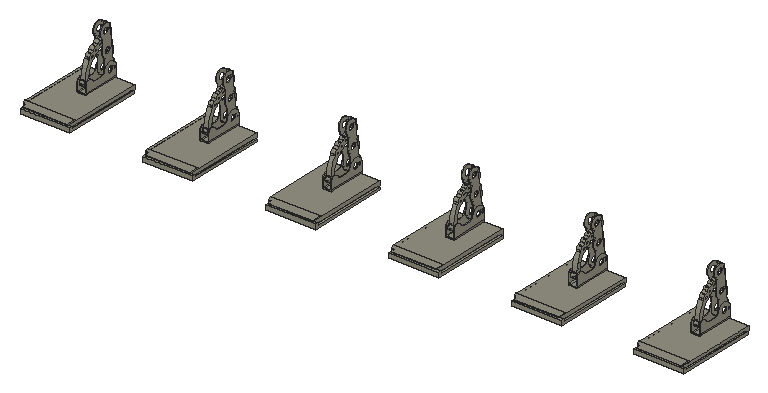
Revit family "Construction_Roof-Accessories_Alpine-SnowGuards_PP235LF", category Specialty Equipment, host Face, Revit 2019
Family settings
  Host = Face
  Round Connector Dimension = Use Diameter
  Part Type = Normal
  OmniClass Number = 23.35.20.31.27.14
  OmniClass Title = Snow Guards
  Cut with Voids When Loaded = No
  Shared = No
  Room Calculation Point = No
Parameters (values of type "PP235LF")
  Z_Two [instance] = Z_Length > Z_Horizontal Spacing  # yes
  Z_One [instance] = not(Z_Array)  # no
  Z_Length [instance] = if(Length < Z_Horizontal Spacing, Z_Horizontal Spacing, Length)  # 100"
  Z_Horizontal Spacing [instance] = if(Horizontal Spacing < 2", 2", Horizontal Spacing)  # 20"
  Z_Array [instance] = and(Z_Length > Z_Horizontal Spacing * 2)  # yes
  URL = "https://www.alpinesnowguards.com/model/pp235lf?utm_source=bimobject&utm_medium=productlisting&utm_campaign=2022marketing"
  Snow Guard Count [instance] = if(Length < Horizontal Spacing, 1, if(and(Z_Length > Z_Horizontal Spacing, Z_Length < Z_Horizontal Spacing * 2), 2, Z_Number of Pads Control))  # 6
  Product data url = "https://www.bimobject.com/en-us/alpine-snowguards/product/pp235lf_three_pipe_height_adjustable_snow_guard_and_base_plate_for_ludowici_flat_tile"
  Product Material = Alpine SnowGuards - Aluminium - Mill Finish
  Product Guid = "7ce0a174-0fb6-4009-964c-4974b919df3d"
  Z_Number of Pads Control [instance] = if(Z_Length / Z_Horizontal Spacing + 1 < 3, 3, rounddown(Z_Length / Z_Horizontal Spacing + 1))  # 6
  Pad Material = Alpine SnowGuards - Aluminium - Mill Finish
  Number of Pads [instance] = Length / Horizontal Spacing + 1  # 6
  Model = "PP235LF"
  Manufacturer = "Alpine SnowGuards"  # constant formula
  Length [instance] = 100"
  Keynote = "07720"
  Length Note [instance] = "To show a single SnowGuard set Length to 0"  # constant formula
  Horizontal Spacing = 20"
  Edition number = 1  # constant formula
  Description = "PP235LF three-pipe, height adjustable, pipe-style snow guard bracket in aluminum. Aluminum base plate to fit Ludowici Flat Tile configurations.\r\n"  # constant formula
  Default Elevation = 48"
  Bracket Angle [instance] = Angle : 0°
  Base Material = Alpine SnowGuards - Aluminium - Mill Finish
  Assembly Code = "B3010"
Reference planes (in)
  plane 1 "Center (Front/Back)": y = 0
  plane 2: z = 0
  plane 3 "Center (Left/Right)": x = 0
  plane 4: x = 100
  plane 5: z = 0
  plane 6: x = 20
  plane 7: y = -2.21833
  plane 8: y = 3.78167
Dimensions and locks (in)
  "Z_Length": plane 3 "Center (Left/Right)" to plane 4
  locked: plane 5 to plane 2 at 0
  "Z_Horizontal Spacing": plane 3 "Center (Left/Right)" to plane 6
  locked: plane 7 to plane 1 "Center (Front/Back)" at 2.21833
  locked: plane 1 "Center (Front/Back)" to plane 8 at 3.78167
  equal spacing: group 1, group 2, group 3, group 7, group 8, group 9  (x3)
  equal spacing: group 4, group 5, group 6, group 10, group 11, group 12  (x3)
  aligned and locked: host face to plane 2
  aligned and locked: host face to level
  aligned and locked: nested 1 to plane 8
  aligned and locked: nested 1 to plane 3 "Center (Left/Right)"
  aligned and locked: nested 2 to plane 8
  aligned and locked: nested 2 to plane 6
  aligned and locked: nested 4 to plane 8
  aligned and locked: nested 4 to plane 3 "Center (Left/Right)"
  aligned and locked: nested 5 to plane 8
  aligned and locked: nested 5 to plane 6
  aligned and locked: level to nested 9
  aligned and locked: level to nested 10
  aligned and locked: nested 9 to plane 8
  aligned and locked: nested 9 to plane 3 "Center (Left/Right)"
  aligned and locked: nested 7 to plane 8
  aligned and locked: nested 7 to plane 3 "Center (Left/Right)"
  aligned and locked: nested 8 to plane 6
  aligned and locked: nested 8 to plane 8
  aligned and locked: nested 10 to plane 8
  aligned and locked: nested 10 to plane 6
Automatic sketch dimensions
  host sketch curve to host sketch curve = 199.17032"
  host sketch curve to host sketch curve = 96"
Nested families (in)
  nested 1: "Base" at (0, -10.21833, 0.125), Material <- "Base Material", visible <- "Z_Array", type "Ludo Flat Tile Base"
    with Material Alpine SnowGuards - Aluminium - Mill Finish
  nested 2: "Base" at (20, -10.21833, 0.125), Material <- "Base Material", visible <- "Z_Array", type "Ludo Flat Tile Base"
    with Material Alpine SnowGuards - Aluminium - Mill Finish
  nested 3: "Base" at (40, -10.21833, 0.125), Material <- "Base Material", visible <- "Z_Array", type "Ludo Flat Tile Base"
    with Material Alpine SnowGuards - Aluminium - Mill Finish
  nested 4: "Angle" at (0, -2.21833, 0.625) x (-1, 0, 0) z (0, 0, 1), type <- "Bracket Angle", Pad Material <- "Pad Material", visible <- "Z_Array", type "0°"
    with Pad Material Alpine SnowGuards - Aluminium - Mill Finish
  nested 5: "Angle" at (20, -2.21833, 0.625) x (-1, 0, 0) z (0, 0, 1), type <- "Bracket Angle", Pad Material <- "Pad Material", visible <- "Z_Array", type "0°"
    with Pad Material Alpine SnowGuards - Aluminium - Mill Finish
  nested 6: "Angle" at (40, -2.21833, 0.625) x (-1, 0, 0) z (0, 0, 1), type <- "Bracket Angle", Pad Material <- "Pad Material", visible <- "Z_Array", type "0°"
    with Pad Material Alpine SnowGuards - Aluminium - Mill Finish
  nested 7: "Angle" at (0, -2.21833, 0.625) x (-1, 0, 0) z (0, 0, 1), Pad Material <- "Pad Material", type <- "Bracket Angle", visible <- "Z_One", type "0°"
    with Pad Material Alpine SnowGuards - Aluminium - Mill Finish
  nested 8: "Angle" at (20, -2.21833, 0.625) x (-1, 0, 0) z (0, 0, 1), Pad Material <- "Pad Material", type <- "Bracket Angle", visible <- "Z_Two", type "0°"
    with Pad Material Alpine SnowGuards - Aluminium - Mill Finish
  nested 9: "Base" at (0, -10.21833, 0.125), Material <- "Base Material", visible <- "Z_One", type "Ludo Flat Tile Base"
    with Material Alpine SnowGuards - Aluminium - Mill Finish
  nested 10: "Base" at (20, -10.21833, 0.125), Material <- "Base Material", visible <- "Z_Two", type "Ludo Flat Tile Base"
    with Material Alpine SnowGuards - Aluminium - Mill Finish
  nested 11: "Base" at (60, -10.21833, 0.125), Material <- "Base Material", visible <- "Z_Array", type "Ludo Flat Tile Base"
    with Material Alpine SnowGuards - Aluminium - Mill Finish
  nested 12: "Base" at (80, -10.21833, 0.125), Material <- "Base Material", visible <- "Z_Array", type "Ludo Flat Tile Base"
    with Material Alpine SnowGuards - Aluminium - Mill Finish
  nested 13: "Base" at (100, -10.21833, 0.125), Material <- "Base Material", visible <- "Z_Array", type "Ludo Flat Tile Base"
    with Material Alpine SnowGuards - Aluminium - Mill Finish
  nested 14: "Angle" at (60, -2.21833, 0.625) x (-1, 0, 0) z (0, 0, 1), type <- "Bracket Angle", Pad Material <- "Pad Material", visible <- "Z_Array", type "0°"
    with Pad Material Alpine SnowGuards - Aluminium - Mill Finish
  nested 15: "Angle" at (80, -2.21833, 0.625) x (-1, 0, 0) z (0, 0, 1), type <- "Bracket Angle", Pad Material <- "Pad Material", visible <- "Z_Array", type "0°"
    with Pad Material Alpine SnowGuards - Aluminium - Mill Finish
  nested 16: "Angle" at (100, -2.21833, 0.625) x (-1, 0, 0) z (0, 0, 1), type <- "Bracket Angle", Pad Material <- "Pad Material", visible <- "Z_Array", type "0°"
    with Pad Material Alpine SnowGuards - Aluminium - Mill Finish
Definition of nested family "Base"
  Parameters (values of type "Ludo Flat Tile Base")
    W = 9"
    Material [instance] = none
    L = 14"
    Height = 0"
  Reference planes (in)
    plane 1 "Center (Front/Back)": y = 0
    plane 2: z = 0
    plane 3 "Center (Left/Right)": x = 0
    plane 4: y = -14
    plane 5: x = -4.5
    plane 6: x = 4.5
    plane 7: z = 0.75
  Forms (in)
    Extrusion 1, solid, material <- "Material"
      sketch origin (0, 0, -0.604) x (1, 0, 0) y (0, 0, 1)
        loop
          line (-4.5, 0.479) -> (4.5, 0.479) -> (4.5, 1.354) -> (-4.5, 1.354) -> (-4.5, 0.479)
      from 0 to 14
    Extrusion 2, void
      sketch origin (0, 0, -0.604) x (1, 0, 0) y (0, 0, 1)
        loop
          line (-4.25, 0.839) -> (-4.5, 0.839) -> (-4.5, 0.479) -> (4.5, 0.479) -> (4.5, 0.604) -> (-3.75, 0.604) -> (-3.75, 1.089) -> (-4.25, 1.089) -> (-4.25, 0.839)
      from 0 to 13.5
    Extrusion 3, void
      sketch origin (0, 0, 0.75) x (0, -1, 0) y (1, 0, 0)
        loop
          line (14, 3.75) -> (14, 4.5) -> (13, 4.5) -> (13, 4)
          arc (13, 4) -> (13.07322, 3.82322) -> (13.25, 3.75) r 0.25
          line (13.25, 3.75) -> (14, 3.75)
      from -0.96474 to 0.06314
    Extrusion 4, void
      sketch origin (0, 0, -0.604) x (1, 0, 0) y (0, 0, 1)
        loop
          line (4.5, 0.994) -> (4.5, 1.354) -> (-4.5, 1.354) -> (-4.5, 1.229) -> (3.75, 1.229) -> (3.75, 0.744) -> (4.25404, 0.744) -> (4.25404, 0.994) -> (4.5, 0.994)
      from 0.4125 to 14.29483
    Extrusion 5, solid, material <- "Material"
      sketch origin (4.5, 0, 0.625) x (-1, 0, 0) y (0, -1, 0)
        loop
          line (9.2665, 2) -> (0.8, 2) -> (0.8, 0.4125) -> (8.125, 0.4125) -> (8.36882, 0.8585)
          arc (8.36882, 0.8585) -> (8.36066, 0.79592) -> (8.3367, 0.73753) r 0.24382
          line (8.3367, 0.73753) -> (8.7665, 1.5) -> (9.2665, 2)
      from 0 to 0.125
    Extrusion 6, void
      sketch origin (0, 0, 0) x (1, 0, 0) y (0, 1, 0)
        loop
          line (-3.625, -0.8585) -> (-3.625, 0) -> (-4.5, 0) -> (-4.92612, 0) -> (-4.92612, -2.07683) -> (-4.5, -2.07683) -> (-4.15554, -1.30317) -> (-3.74785, -1.0702)
          arc (-3.74785, -1.0702) -> (-3.65794, -0.98089) -> (-3.625, -0.8585) r 0.24382
      from -0.759 to 0.96553
  Cuts and joins
    Extrusion 2, Extrusion 3, Extrusion 4, Extrusion 6 cuts Extrusion 1
    Extrusion 6 cuts Extrusion 5
  Lines and regions (in)
    model lines, detail levels fine
      curve 1: circle (0, -1.16057, 0.75) r 0.25 normal (0, 0, 1)
      curve 2: circle (3.39932, -1.16057, 0.75) r 0.25 normal (0, 0, 1)
      curve 3: circle (-3.39932, -1.16057, 0.75) r 0.25 normal (0, 0, -1)
  Dimensions and locks (in)
    "L": plane 4 to plane 1 "Center (Front/Back)"
    equal spacing: plane 5, plane 3 "Center (Left/Right)", plane 6
    "W": plane 5 to plane 6
    locked: Extrusion 6 sketch curve to Extrusion 6 sketch curve at 0.12285
    locked: Extrusion 6 sketch curve to Extrusion 6 sketch curve at 0.2117
    aligned and locked: level to plane 2
  Automatic sketch dimensions
    Extrusion 1 sketch curve to plane 5 = 0"
    Extrusion 1 sketch curve to plane 6 = 0"
    Extrusion 1 sketch curve to level = 1/8"
    level to Extrusion 1 sketch curve = 3/4"
    Extrusion 2 sketch curve to plane 5 = 0"
    Extrusion 2 sketch curve to level = 0"
    Extrusion 2 sketch curve to plane 6 = 0"
    plane 5 to Extrusion 2 sketch curve = 1/4"
    Extrusion 2 sketch curve to Extrusion 2 sketch curve = 1/2"
    Extrusion 2 sketch curve to level = 1/8"
    level to Extrusion 2 sketch curve = 0.235"
    Extrusion 2 sketch curve to Extrusion 2 sketch curve = 1/4"
    Extrusion 3 sketch curve to plane 6 = 0"
    Extrusion 3 sketch curve to plane 4 = 0"
    plane 4 to Extrusion 3 sketch curve = 3/4"
    Extrusion 3 sketch curve to Extrusion 3 sketch curve = 1/4"
    Extrusion 3 sketch curve to plane 6 = 1/2"
    Extrusion 4 sketch curve to plane 5 = 0"
    Extrusion 4 sketch curve to plane 6 = 0"
    Extrusion 4 sketch curve to plane 6 = 3/4"
    Extrusion 4 sketch curve to plane 6 = 0.24596"
    level to Extrusion 4 sketch curve = 0.14"
    Extrusion 4 sketch curve to Extrusion 4 sketch curve = 1/4"
    level to Extrusion 4 sketch curve = 5/8"
    Extrusion 4 sketch curve to Extrusion 4 sketch curve = 1/8"
    Extrusion 4 to Extrusion 5 sketch curve = 0"
    Extrusion 4 to Extrusion 5 sketch curve = 0.05"
    Extrusion 5 sketch curve to Extrusion 4 = 7/8"
    Extrusion 5 sketch curve to Extrusion 5 sketch curve = 0"
    Extrusion 4 to Extrusion 5 sketch curve = 0.32503"
    Extrusion 5 sketch curve to Extrusion 5 sketch curve = 0.2117"
    Extrusion 4 to Extrusion 5 sketch curve = 0.446"
    Extrusion 5 sketch curve to Extrusion 4 = 0.2335"
    Extrusion 4 to Extrusion 5 sketch curve = 0.2665"
    Extrusion 5 sketch curve to Extrusion 5 sketch curve = 0.6415"
    Extrusion 4 to Extrusion 5 sketch curve = 1.5875"
    plane 1 "Center (Front/Back)" to Extrusion 6 sketch curve = 0"
    Extrusion 6 sketch curve to plane 5 = 0"  (x2)
    Extrusion 6 sketch curve to plane 5 = 0.42612"
    plane 5 to Extrusion 6 sketch curve = 0.34446"
    Extrusion 6 sketch curve to Extrusion 6 sketch curve = 0.28672"
    plane 1 "Center (Front/Back)" to Extrusion 6 sketch curve = 0.8585"
    Extrusion 6 sketch curve to Extrusion 6 sketch curve = 0.23297"
    Extrusion 6 sketch curve to Extrusion 6 sketch curve = 0.77366"
    curve 1 to plane 3 "Center (Left/Right)" = 0"
    plane 1 "Center (Front/Back)" to curve 2 = 1.16057"
    plane 1 "Center (Front/Back)" to curve 3 = 1.16057"
    plane 1 "Center (Front/Back)" to curve 1 = 1.16057"
    curve 2 to plane 6 = 1.10068"
    plane 5 to curve 3 = 1.10068"
    radius of curve 1 = 1/4"
    radius of curve 2 = 1/4"
    radius of curve 3 = 1/4"
Definition of nested family "Angle"
  Parameters (values of type "0°")
    z_Angle = 0.00°
    Pad Material [instance] = none
  Types (5): name | z_Angle
    (no name) | 0.00°
    0° | 0.00°
    13° | 13.00°
    26° | 26.00°
    39° | 39.00°
  Reference planes (in)
    plane 1 "Center (Front/Back)": y = 0
    plane 2: z = 0
    plane 3 "Center (Left/Right)": x = 0
    plane 4: x = -3
    plane 5: x = 3
    plane 6: y = -6
    plane 7: z = 8.875
    plane 8: y = -3
    plane 9: y = -4.87403
    plane 10: z = 1.83537
  Forms (in)
    Extrusion 1, solid, material <- "Pad Material"
      sketch origin (0, 0, 0) x (0, 1, 0) y (0, 0, 1)
        loop
          line (-6, 1.87104) -> (-6, 0.375) -> (0, 0.375) -> (0, 1.62411)
          arc (0, 1.62411) -> (-0.52615, 2.1582) -> (-1.19174, 1.81313) r 0.63145
          arc (-1.19174, 1.81313) -> (-1.4278, 1.5522) -> (-1.76611, 1.45548) r 0.64002
          line (-1.76611, 1.45548) -> (-3.17762, 1.45548)
          arc (-3.17762, 1.45548) -> (-3.55315, 1.59813) -> (-3.73925, 1.95412) r 0.56561
          arc (-3.73925, 1.95412) -> (-4.9079, 2.95393) -> (-6, 1.87104) r 1.13494
        loop
          circle (-4.87403, 1.83537) r 0.55827
      from 0.63113 to 0.75613
    Extrusion 2, solid, material <- "Pad Material"
      sketch origin (0, 0, 0) x (0, 1, 0) y (0, 0, -1)
        loop
          arc (-6, -1.87104) -> (-4.9079, -2.95393) -> (-3.73925, -1.95412) r 1.13494
          arc (-3.73925, -1.95412) -> (-3.55315, -1.59813) -> (-3.17762, -1.45548) r 0.56561
          line (-3.17762, -1.45548) -> (-1.76611, -1.45548)
          arc (-1.76611, -1.45548) -> (-1.4278, -1.5522) -> (-1.19174, -1.81313) r 0.64002
          arc (-1.19174, -1.81313) -> (-0.52615, -2.1582) -> (0, -1.62411) r 0.63145
          line (0, -1.62411) -> (0, -0.375) -> (-6, -0.375) -> (-6, -1.87104)
        loop
          circle (-4.87403, -1.83537) r 0.55827
      from 0.61887 to 0.74387
    Sweep 3, solid, material <- "Pad Material"
      path origin (0, 0, 0) x (0, 1, 0) y (0, 0, 1)
        loop
          line (0, 0.375) -> (-6, 0.375)
      profile origin (0, -3, 0.375) x (0, 0, -1) y (1, 0, 0)
        loop
          arc (0, 0.63113) -> (0.08839, 0.59452) -> (0.125, 0.50613) r 0.125
          line (0.125, 0.50613) -> (0.125, -0.49387)
          arc (0.125, -0.49387) -> (0.08839, -0.58226) -> (0, -0.61887) r 0.125
          line (0, -0.61887) -> (0, -0.74387)
          arc (0, -0.74387) -> (0.17678, -0.67065) -> (0.25, -0.49387) r 0.25
          line (0.25, -0.49387) -> (0.25, 0.50613)
          arc (0.25, 0.50613) -> (0.17678, 0.68291) -> (0, 0.75613) r 0.25
          line (0, 0.75613) -> (0, 0.63113)
    Extrusion 4, solid, material <- "Pad Material", detail levels fine
      sketch origin (0, 0, 0) x (0, 1, 0) y (0, 0, 1)
        loop
          arc (-1.72495, 4.46487) -> (-1.63106, 4.43167) -> (-1.55827, 4.36369) r 0.24387
          arc (-1.55827, 4.36369) -> (-1.01949, 3.2694) -> (-0.8437, 2.06241) r 3.91429
          arc (-0.8437, 2.06241) -> (-0.86728, 1.9526) -> (-0.93169, 1.86059) r 0.28314
          arc (-0.93169, 1.86059) -> (-0.6495, 1.08838) -> (-0.2774, 1.82151) r 0.44823
          arc (-0.2774, 1.82151) -> (-0.32386, 1.90339) -> (-0.33943, 1.99624) r 0.27037
          arc (-0.33943, 1.99624) -> (-0.54687, 3.409) -> (-1.17449, 4.69158) r 4.63514
          arc (-1.17449, 4.69158) -> (-1.21477, 4.77712) -> (-1.22427, 4.87119) r 0.27992
          arc (-1.22427, 4.87119) -> (-1.33836, 5.21057) -> (-1.65923, 5.36942) r 0.46701
          arc (-1.65923, 5.36942) -> (-1.87468, 5.45912) -> (-1.99057, 5.66169) r 0.36192
          arc (-1.99057, 5.66169) -> (-2.18238, 5.95344) -> (-2.52395, 6.02585) r 0.45901
          arc (-2.52395, 6.02585) -> (-2.74721, 6.05996) -> (-2.90171, 6.2247) r 0.34555
          arc (-2.90171, 6.2247) -> (-3.1532, 6.46478) -> (-3.50085, 6.45985) r 0.45928
          arc (-3.50085, 6.45985) -> (-3.73786, 6.44186) -> (-3.937, 6.57163) r 0.37041
          arc (-3.937, 6.57163) -> (-4.73867, 6.35728) -> (-4.031, 5.92389) r 0.45151
          arc (-4.031, 5.92389) -> (-3.85956, 5.95624) -> (-3.72305, 5.84758) r 0.20953
          arc (-3.72305, 5.84758) -> (-3.47673, 5.62617) -> (-3.14552, 5.62845) r 0.45852
          arc (-3.14552, 5.62845) -> (-2.97568, 5.61886) -> (-2.8729, 5.4833) r 0.20279
          arc (-2.8729, 5.4833) -> (-2.6911, 5.21163) -> (-2.37307, 5.13604) r 0.44753
          arc (-2.37307, 5.13604) -> (-2.20131, 5.08546) -> (-2.12658, 4.92274) r 0.21621
          arc (-2.12658, 4.92274) -> (-2.01147, 4.61863) -> (-1.72495, 4.46487) r 0.46372
        loop
          circle (-1.67556, 4.9166) r 0.25788
        loop
          circle (-2.43433, 5.58183) r 0.25788
        loop
          circle (-3.31986, 6.04503) r 0.25788
      from -0.36887 to 0.38113
    Revolve 5, solid, material <- "Pad Material"
      sketch origin (0, -0.62615, 0) x (1, 0, 0) y (0, 0, 1)
        loop
          line (0.63113, 1.53332) -> (0.63113, 1.6596) -> (0.56863, 1.6596) -> (0.56863, 2.03332) -> (-0.55637, 2.03332) -> (-0.55637, 1.6596) -> (-0.61887, 1.6596) -> (-0.61887, 1.53332) -> (0.63113, 1.53332)
        axis (0.63113, 1.53332) -> (-0.61887, 1.53332)
      angle from 0 to 360
    Sweep 6, solid, not visible
      path origin (0, 0, 0) x (0, 1, 0) y (0, 0, 1)
        loop
          line (-4.87403, 0) -> (-4.87403, 1.83537)
      profile origin (0, -4.87403, 0.91769) x (0, -1, 0) y (1, 0, 0)
        loop
          circle (0, 0) r 0.08582
    Extrusion 7, solid, material <- "Pad Material", detail levels medium
      sketch origin (0, 0, 0) x (0, 1, 0) y (0, 0, 1)
        loop
          arc (-1.72495, 4.46487) -> (-1.63106, 4.43167) -> (-1.55827, 4.36369) r 0.24387
          arc (-1.55827, 4.36369) -> (-1.01949, 3.2694) -> (-0.8437, 2.06241) r 3.91429
          arc (-0.8437, 2.06241) -> (-0.86728, 1.9526) -> (-0.93169, 1.86059) r 0.28314
          arc (-0.93169, 1.86059) -> (-0.6495, 1.08838) -> (-0.2774, 1.82151) r 0.44823
          arc (-0.2774, 1.82151) -> (-0.32386, 1.90339) -> (-0.33943, 1.99624) r 0.27037
          arc (-0.33943, 1.99624) -> (-0.54687, 3.409) -> (-1.17449, 4.69158) r 4.63514
          arc (-1.17449, 4.69158) -> (-1.21477, 4.77712) -> (-1.22427, 4.87119) r 0.27992
          arc (-1.22427, 4.87119) -> (-1.33836, 5.21057) -> (-1.65923, 5.36942) r 0.46701
          arc (-1.65923, 5.36942) -> (-1.87468, 5.45912) -> (-1.99057, 5.66169) r 0.36192
          arc (-1.99057, 5.66169) -> (-2.18238, 5.95344) -> (-2.52395, 6.02585) r 0.45901
          arc (-2.52395, 6.02585) -> (-2.74721, 6.05996) -> (-2.90171, 6.2247) r 0.34555
          arc (-2.90171, 6.2247) -> (-3.1532, 6.46478) -> (-3.50085, 6.45985) r 0.45928
          arc (-3.50085, 6.45985) -> (-3.73786, 6.44186) -> (-3.937, 6.57163) r 0.37041
          arc (-3.937, 6.57163) -> (-4.73867, 6.35728) -> (-4.031, 5.92389) r 0.45151
          arc (-4.031, 5.92389) -> (-3.85956, 5.95624) -> (-3.72305, 5.84758) r 0.20953
          arc (-3.72305, 5.84758) -> (-3.47673, 5.62617) -> (-3.14552, 5.62845) r 0.45852
          arc (-3.14552, 5.62845) -> (-2.97568, 5.61886) -> (-2.8729, 5.4833) r 0.20279
          arc (-2.8729, 5.4833) -> (-2.6911, 5.21163) -> (-2.37307, 5.13604) r 0.44753
          arc (-2.37307, 5.13604) -> (-2.20131, 5.08546) -> (-2.12658, 4.92274) r 0.21621
          arc (-2.12658, 4.92274) -> (-2.01147, 4.61863) -> (-1.72495, 4.46487) r 0.46372
      from -0.36887 to 0.38113
    Extrusion 8, solid, material <- "Pad Material", detail levels coarse
      sketch origin (0, 0, 0) x (0, 1, 0) y (0, 0, 1)
        loop
          arc (-3.99905, 5.94872) -> (-1.71891, 4.57591) -> (-0.8437, 2.06241) r 3.91429
          arc (-0.8437, 2.06241) -> (-0.86728, 1.9526) -> (-0.93169, 1.86059) r 0.28314
          arc (-0.93169, 1.86059) -> (-0.6495, 1.08838) -> (-0.2774, 1.82151) r 0.44823
          arc (-0.2774, 1.82151) -> (-0.32386, 1.90339) -> (-0.33943, 1.99624) r 0.27037
          arc (-0.33943, 1.99624) -> (-1.33105, 4.90269) -> (-3.92194, 6.55135) r 4.63514
          arc (-3.92194, 6.55135) -> (-4.7397, 6.34974) -> (-3.99905, 5.94872) r 0.45151
      from -0.36887 to 0.38113
  Cuts and joins
    joined: Extrusion 1, Extrusion 2, Sweep 3
  Dimensions and locks (in)
    equal spacing: plane 4, plane 3 "Center (Left/Right)", plane 5
    plane 4 to plane 5 = 6"
    plane 7 to plane 2 = 8 7/8"
    locked: plane 6 to plane 1 "Center (Front/Back)" at 6
    equal spacing: plane 1 "Center (Front/Back)", plane 8, plane 6
    locked: plane 10 to plane 2 at 1.83537
    locked: Sweep 6 sketch curve to plane 10 at 1.83537
    "z_Angle": angle Sweep 6 sketch curve to plane 9
    aligned and locked: level to plane 2
    aligned and locked: plane 10 to Sweep 6 sketch curve
    aligned and locked: plane 9 to Sweep 6 sketch curve
  Automatic sketch dimensions
    Extrusion 1 sketch curve to plane 6 = 0"
    Extrusion 1 sketch curve to plane 9 = 0"
    Extrusion 1 sketch curve to plane 1 "Center (Front/Back)" = 0"
    plane 10 to Extrusion 1 sketch curve = 0"
    plane 9 to Extrusion 1 sketch curve = 1/128"
    Extrusion 1 sketch curve to plane 8 = 0.17762"
    Extrusion 1 sketch curve to plane 10 = 0.26013"
    plane 8 to Extrusion 1 sketch curve = 1.23389"
    plane 10 to Extrusion 1 sketch curve = 0.30084"
    plane 1 "Center (Front/Back)" to Extrusion 1 sketch curve = 0.62507"
    plane 10 to Extrusion 1 sketch curve = 0.3799"
    level to Extrusion 1 sketch curve = 3/8"
    plane 10 to Extrusion 1 sketch curve = 0.21126"
    plane 10 to Extrusion 1 sketch curve = 1/64"
    Extrusion 1 sketch curve to plane 10 = 0.03567"
    Extrusion 1 sketch curve to plane 10 = 0.18571"
    Extrusion 2 sketch curve to plane 6 = 0"
    Extrusion 2 sketch curve to plane 9 = 0"
    Extrusion 2 sketch curve to plane 1 "Center (Front/Back)" = 0"
    plane 10 to Extrusion 2 sketch curve = 0"
    plane 9 to Extrusion 2 sketch curve = 1/128"
    Extrusion 2 sketch curve to plane 8 = 0.17762"
    Extrusion 2 sketch curve to plane 10 = 0.26013"
    plane 8 to Extrusion 2 sketch curve = 1.23389"
    plane 10 to Extrusion 2 sketch curve = 0.30084"
    plane 1 "Center (Front/Back)" to Extrusion 2 sketch curve = 0.62507"
    Extrusion 2 sketch curve to plane 10 = 0.18571"
    Extrusion 2 sketch curve to plane 10 = 0.03567"
    plane 10 to Extrusion 2 sketch curve = 1/64"
    plane 10 to Extrusion 2 sketch curve = 0.21126"
    plane 10 to Extrusion 2 sketch curve = 0.3799"
    level to Extrusion 2 sketch curve = 3/8"
    Sweep 3 sketch curve to plane 6 = 0"
    Sweep 3 sketch curve to plane 1 "Center (Front/Back)" = 0"
    level to Sweep 3 sketch curve = 3/8"
    Sweep 3 sketch curve to Sweep 3 sketch curve = 0"  (x4)
    Sweep 3 sketch curve to profile plane = 0"  (x2)
    Sweep 3 sketch curve to Sweep 3 sketch curve = 1/8"  (x2)
    Sweep 3 sketch curve to plane 3 "Center (Left/Right)" = 0.74387"
    plane 3 "Center (Left/Right)" to Sweep 3 sketch curve = 0.50613"
    Extrusion 4 sketch curve to plane 9 = 0.10036"
    plane 9 to Extrusion 4 sketch curve = 0.1163"
    plane 9 to Extrusion 4 sketch curve = 0.58219"
    Extrusion 4 sketch curve to Extrusion 4 sketch curve = 0.38189"
    Extrusion 4 sketch curve to plane 8 = 0.6459"
    Extrusion 4 sketch curve to plane 8 = 0.32099"
    Extrusion 4 sketch curve to Extrusion 4 sketch curve = 0.00114"
    Extrusion 4 sketch curve to Extrusion 4 sketch curve = 0.0058"
    Extrusion 4 sketch curve to plane 8 = 0.07098"
    plane 8 to Extrusion 4 sketch curve = 0.41375"
    plane 8 to Extrusion 4 sketch curve = 0.5588"
    Extrusion 4 sketch curve to Extrusion 4 sketch curve = 0.00545"
    Extrusion 4 sketch curve to Extrusion 4 sketch curve = 0.00143"
    plane 8 to Extrusion 4 sketch curve = 0.65721"
    Extrusion 4 sketch curve to Extrusion 4 sketch curve = 0.58519"
    Extrusion 4 sketch curve to Extrusion 4 sketch curve = 0.65262"
    Extrusion 4 sketch curve to Extrusion 4 sketch curve = 0.01461"
    Extrusion 4 sketch curve to Extrusion 4 sketch curve = 0.0127"
    Extrusion 4 sketch curve to Extrusion 4 sketch curve = 0.0276"
    Extrusion 4 sketch curve to plane 10 = 0.23038"
    plane 1 "Center (Front/Back)" to Extrusion 4 sketch curve = 1.12682"
    Extrusion 4 sketch curve to Extrusion 4 sketch curve = 0.71785"
    plane 10 to Extrusion 4 sketch curve = 0.29956"
    plane 1 "Center (Front/Back)" to Extrusion 4 sketch curve = 0.62278"
    plane 1 "Center (Front/Back)" to Extrusion 4 sketch curve = 0.06907"
    Extrusion 4 sketch curve to plane 10 = 0.15847"
    Extrusion 4 sketch curve to plane 10 = 0.2019"
    Extrusion 4 sketch curve to Extrusion 4 sketch curve = 0.07138"
    Extrusion 4 sketch curve to Extrusion 4 sketch curve = 2.15745"
    Extrusion 4 sketch curve to Extrusion 4 sketch curve = 0.62867"
    Extrusion 4 sketch curve to Extrusion 4 sketch curve = 0.68023"
    Extrusion 4 sketch curve to Extrusion 4 sketch curve = 0.01318"
    Extrusion 4 sketch curve to Extrusion 4 sketch curve = 0.01854"
    Extrusion 4 sketch curve to Extrusion 4 sketch curve = 1/128"
    Extrusion 4 sketch curve to Extrusion 4 sketch curve = 0.51789"
    Extrusion 4 sketch curve to Extrusion 4 sketch curve = 0.1345"
    Extrusion 4 sketch curve to Extrusion 4 sketch curve = 0.00481"
    Extrusion 4 sketch curve to Extrusion 4 sketch curve = 0.00266"
    Extrusion 4 sketch curve to Extrusion 4 sketch curve = 0.80613"
    Extrusion 4 sketch curve to Extrusion 4 sketch curve = 0.313"
    Extrusion 4 sketch curve to Extrusion 4 sketch curve = 0.59739"
    Extrusion 4 sketch curve to Extrusion 4 sketch curve = 0.00778"
    Extrusion 4 sketch curve to Extrusion 4 sketch curve = 0.00984"
    Extrusion 4 sketch curve to Extrusion 4 sketch curve = 0.53957"
    Extrusion 4 sketch curve to Extrusion 4 sketch curve = 0.31087"
    Extrusion 4 sketch curve to Extrusion 4 sketch curve = 0.74581"
    Extrusion 4 sketch curve to Extrusion 4 sketch curve = 0.12105"
    Extrusion 4 sketch curve to Extrusion 4 sketch curve = 0"  (x18)
    Extrusion 4 sketch curve to plane 10 = 0.02522"
    plane 10 to Revolve 5 sketch curve = 0.30206"
    Revolve 5 sketch curve to plane 3 "Center (Left/Right)" = 0.61887"
    Revolve 5 sketch curve to Revolve 5 sketch curve = 1/16"  (x2)
    Revolve 5 sketch curve to plane 10 = 0.19794"
    plane 3 "Center (Left/Right)" to Revolve 5 sketch curve = 0.56863"
    Revolve 5 sketch curve to Revolve 5 sketch curve = 0.12629"  (x2)
    Revolve 5 sketch curve to Revolve 5 sketch curve = 0.07753"
    Revolve 5 sketch curve to Revolve 5 sketch curve = 1/8"
    Revolve 5 sketch curve to Revolve 5 sketch curve = 0"
    Sweep 6 sketch curve to plane 3 "Center (Left/Right)" = 0"
    Sweep 6 sketch curve to profile plane = 0"
    Extrusion 7 sketch curve to plane 9 = 0.10036"
    plane 9 to Extrusion 7 sketch curve = 0.1163"
    plane 9 to Extrusion 7 sketch curve = 0.58219"
    Extrusion 7 sketch curve to Extrusion 7 sketch curve = 0.38189"
    Extrusion 7 sketch curve to plane 8 = 0.6459"
    Extrusion 7 sketch curve to plane 8 = 0.32099"
    Extrusion 7 sketch curve to Extrusion 7 sketch curve = 0.00693"
    Extrusion 7 sketch curve to plane 8 = 0.07098"
    plane 8 to Extrusion 7 sketch curve = 0.41375"
    plane 8 to Extrusion 7 sketch curve = 0.5588"
    Extrusion 7 sketch curve to Extrusion 7 sketch curve = 0.00545"
    plane 8 to Extrusion 7 sketch curve = 0.65721"
    Extrusion 7 sketch curve to Extrusion 7 sketch curve = 0.58519"
    Extrusion 7 sketch curve to Extrusion 7 sketch curve = 0.65262"
    Extrusion 7 sketch curve to Extrusion 7 sketch curve = 0.0273"
    Extrusion 7 sketch curve to Extrusion 7 sketch curve = 0.0276"
    Extrusion 7 sketch curve to plane 10 = 0.23038"
    plane 1 "Center (Front/Back)" to Extrusion 7 sketch curve = 1.12682"
    Extrusion 7 sketch curve to Extrusion 7 sketch curve = 0.71785"
    plane 10 to Extrusion 7 sketch curve = 0.29956"
    plane 1 "Center (Front/Back)" to Extrusion 7 sketch curve = 0.62278"
    plane 1 "Center (Front/Back)" to Extrusion 7 sketch curve = 0.06907"
    Extrusion 7 sketch curve to plane 10 = 0.15847"
    Extrusion 7 sketch curve to plane 10 = 0.2019"
    Extrusion 7 sketch curve to Extrusion 7 sketch curve = 0.07138"
    Extrusion 7 sketch curve to Extrusion 7 sketch curve = 2.15745"
    Extrusion 7 sketch curve to Extrusion 7 sketch curve = 0.62867"
    Extrusion 7 sketch curve to Extrusion 7 sketch curve = 0.68023"
    Extrusion 7 sketch curve to Extrusion 7 sketch curve = 0.01854"
    Extrusion 7 sketch curve to Extrusion 7 sketch curve = 0.02099"
    Extrusion 7 sketch curve to Extrusion 7 sketch curve = 0.51789"
    Extrusion 7 sketch curve to Extrusion 7 sketch curve = 0.1345"
    Extrusion 7 sketch curve to Extrusion 7 sketch curve = 0.00481"
    Extrusion 7 sketch curve to Extrusion 7 sketch curve = 0.80613"
    Extrusion 7 sketch curve to Extrusion 7 sketch curve = 0.313"
    Extrusion 7 sketch curve to Extrusion 7 sketch curve = 0.59739"
    Extrusion 7 sketch curve to Extrusion 7 sketch curve = 0.01762"
    Extrusion 7 sketch curve to Extrusion 7 sketch curve = 0.53957"
    Extrusion 7 sketch curve to Extrusion 7 sketch curve = 0.31087"
    Extrusion 7 sketch curve to Extrusion 7 sketch curve = 0.74581"
    Extrusion 7 sketch curve to Extrusion 7 sketch curve = 0.12105"
    Extrusion 7 sketch curve to Extrusion 7 sketch curve = 0"  (x18)
    Extrusion 7 sketch curve to plane 10 = 0.02522"
    Extrusion 8 sketch curve to plane 9 = 0.10036"
    plane 9 to Extrusion 8 sketch curve = 0.1163"
    plane 9 to Extrusion 8 sketch curve = 0.58219"
    Extrusion 8 sketch curve to plane 10 = 0.23038"
    plane 1 "Center (Front/Back)" to Extrusion 8 sketch curve = 1.12682"
    plane 10 to Extrusion 8 sketch curve = 0.29956"
    plane 1 "Center (Front/Back)" to Extrusion 8 sketch curve = 0.62278"
    plane 1 "Center (Front/Back)" to Extrusion 8 sketch curve = 0.06907"
    Extrusion 8 sketch curve to plane 10 = 0.15847"
    Extrusion 8 sketch curve to plane 10 = 0.2019"
    Extrusion 8 sketch curve to Extrusion 8 sketch curve = 0.07138"
    Extrusion 8 sketch curve to Extrusion 8 sketch curve = 0.29279"
    Extrusion 8 sketch curve to Extrusion 8 sketch curve = 0.3699"
    Extrusion 8 sketch curve to plane 10 = 0.02522"
    Extrusion 8 sketch curve to Extrusion 8 sketch curve = 0"  (x3)
    Extrusion 8 sketch curve to plane 10 = 0.16087"
    radius of Extrusion 1 sketch curve = 0.55827"
    radius of Extrusion 2 sketch curve = 0.55827"
    radius of Extrusion 4 sketch curve = 0.25788"  (x3)
    radius of Sweep 6 sketch curve = 0.08582"
  Nested families (in)
    nested 1: "Angle" at (0, 0, 0), Pad Material <- "Pad Material", type "Angle"
      with Pad Material none
  Definition of nested family "Angle"
    Parameters (values of type "Angle")
      Pad Material [instance] = none
      Default Elevation = 48"
    Reference planes (in)
      plane 1 "Center (Front/Back)": y = 0
      plane 2: z = 0
      plane 3 "Center (Left/Right)": x = 0
      plane 4: x = -3
      plane 5: x = 3
      plane 6: y = -6
      plane 7: z = 8.875
      plane 8: y = -3
      plane 9: z = 1.83607
    Forms (in)
      Sweep 1, solid, material <- "Pad Material", detail levels fine
        path origin (0, 0, 0) x (0, 1, 0) y (0, 0, 1)
          loop
            line (-6.2263, 0.41601) -> (-5.07857, 9.14944)
        profile origin (0, -5.65243, 4.78272) x (0, -0.991475, 0.130297) y (1, 0, 0)
          loop
            line (-0.28137, -0.49387) -> (-2.18548, -0.49387) -> (-2.18548, -0.61887) -> (-0.25, -0.61887)
            arc (-0.25, -0.61887) -> (-0.07322, -0.54565) -> (0, -0.36887) r 0.25
            line (0, -0.36887) -> (0, 0.33356)
            arc (0, 0.33356) -> (-0.08716, 0.54397) -> (-0.29757, 0.63113) r 0.29757
            line (-0.29757, 0.63113) -> (-2.18548, 0.63113) -> (-2.18548, 0.50613) -> (-0.32057, 0.50613)
            arc (-0.32057, 0.50613) -> (-0.18228, 0.44885) -> (-0.125, 0.31056) r 0.19557
            line (-0.125, 0.31056) -> (-0.125, -0.3375)
            arc (-0.125, -0.3375) -> (-0.1708, -0.44807) -> (-0.28137, -0.49387) r 0.15637
      Extrusion 2, void
        sketch origin (0, 0, 0) x (0, 1, 0) y (0, 0, 1)
          loop
            arc (-4.7597, 8.56872) -> (-4.86742, 8.49357) -> (-4.9865, 8.43813) r 0.75857
            line (-4.9865, 8.43813) -> (-5.18137, 8.3672) -> (-5.34265, 7.14) -> (-5.12361, 6.88802)
            arc (-5.12361, 6.88802) -> (-5.03486, 6.39018) -> (-5.24923, 5.93216) r 0.83645
            line (-5.24923, 5.93216) -> (-5.5259, 5.74554) -> (-5.73354, 4.16557) -> (-5.5145, 3.9136)
            arc (-5.5145, 3.9136) -> (-5.42575, 3.41575) -> (-5.64012, 2.95774) r 0.83645
            line (-5.64012, 2.95774) -> (-5.91679, 2.77112) -> (-6.07808, 1.54386) -> (-5.84718, 1.38218)
            arc (-5.84718, 1.38218) -> (-4.54414, 0.84946) -> (-3.8761, 2.08858) r 1.05287
            arc (-3.8761, 2.08858) -> (-3.93684, 3.23212) -> (-3.5806, 4.32045) r 3.11776
            arc (-3.5806, 4.32045) -> (-3.45854, 4.69362) -> (-3.47962, 5.08567) r 1.06767
            arc (-3.47962, 5.08567) -> (-3.53696, 6.2322) -> (-3.1678, 7.31919) r 3.06026
            arc (-3.1678, 7.31919) -> (-3.45786, 8.58846) -> (-4.7597, 8.56872) r 1.03448
          loop
            line (-2.18756, 9.45686) -> (-6.75, 9.45686) -> (-6.75, 0.0981) -> (-2.18756, 0.0981) -> (-2.18756, 9.45686)
          loop
            circle (-4.09659, 7.77472) r 0.56225
          loop
            circle (-4.48378, 4.80624) r 0.55131
          loop
            circle (-4.87203, 1.83607) r 0.55131
        from -1.00595 to 1.12013
      Sweep 3, solid, material <- "Pad Material", detail levels medium
        path origin (0, 0, 0) x (0, 1, 0) y (0, 0, 1)
          loop
            line (-6.2263, 0.41601) -> (-5.07857, 9.14944)
        profile origin (0, -5.65243, 4.78272) x (0, -0.991475, 0.130297) y (1, 0, 0)
          loop
            line (-0.28137, -0.49387) -> (-2.18548, -0.49387) -> (-2.18548, -0.61887) -> (-0.25, -0.61887)
            arc (-0.25, -0.61887) -> (-0.07322, -0.54565) -> (0, -0.36887) r 0.25
            line (0, -0.36887) -> (0, 0.33356)
            arc (0, 0.33356) -> (-0.08716, 0.54397) -> (-0.29757, 0.63113) r 0.29757
            line (-0.29757, 0.63113) -> (-2.18548, 0.63113) -> (-2.18548, 0.50613) -> (-0.32057, 0.50613)
            arc (-0.32057, 0.50613) -> (-0.18228, 0.44885) -> (-0.125, 0.31056) r 0.19557
            line (-0.125, 0.31056) -> (-0.125, -0.3375)
            arc (-0.125, -0.3375) -> (-0.1708, -0.44807) -> (-0.28137, -0.49387) r 0.15637
      Extrusion 4, void
        sketch origin (0, 0, 0) x (0, 1, 0) y (0, 0, 1)
          loop
            arc (-4.7597, 8.56872) -> (-4.86742, 8.49357) -> (-4.9865, 8.43813) r 0.75857
            line (-4.9865, 8.43813) -> (-5.18137, 8.3672) -> (-5.34265, 7.14) -> (-5.12361, 6.88802)
            arc (-5.12361, 6.88802) -> (-5.03486, 6.39018) -> (-5.24923, 5.93216) r 0.83645
            line (-5.24923, 5.93216) -> (-5.5259, 5.74554) -> (-5.73354, 4.16557) -> (-5.5145, 3.9136)
            arc (-5.5145, 3.9136) -> (-5.42575, 3.41575) -> (-5.64012, 2.95774) r 0.83645
            line (-5.64012, 2.95774) -> (-5.91679, 2.77112) -> (-6.07808, 1.54386) -> (-5.84718, 1.38218)
            arc (-5.84718, 1.38218) -> (-4.54414, 0.84946) -> (-3.8761, 2.08858) r 1.05287
            arc (-3.8761, 2.08858) -> (-3.93684, 3.23212) -> (-3.5806, 4.32045) r 3.11776
            arc (-3.5806, 4.32045) -> (-3.45854, 4.69362) -> (-3.47962, 5.08567) r 1.06767
            arc (-3.47962, 5.08567) -> (-3.53696, 6.2322) -> (-3.1678, 7.31919) r 3.06026
            arc (-3.1678, 7.31919) -> (-3.45786, 8.58846) -> (-4.7597, 8.56872) r 1.03448
          loop
            line (-2.18756, 9.45686) -> (-6.75, 9.45686) -> (-6.75, 0.0981) -> (-2.18756, 0.0981) -> (-2.18756, 9.45686)
        from -1.00595 to 1.12013
      Sweep 5, solid, material <- "Pad Material", detail levels coarse
        path origin (0, 0, 0) x (0, 1, 0) y (0, 0, 1)
          loop
            line (-6.2263, 0.41601) -> (-5.07857, 9.14944)
        profile origin (0, -5.65243, 4.78272) x (0, -0.991475, 0.130297) y (1, 0, 0)
          loop
            line (-0.28137, -0.49387) -> (-2.18548, -0.49387) -> (-2.18548, -0.61887) -> (-0.25, -0.61887)
            arc (-0.25, -0.61887) -> (-0.07322, -0.54565) -> (0, -0.36887) r 0.25
            line (0, -0.36887) -> (0, 0.33356)
            arc (0, 0.33356) -> (-0.08716, 0.54397) -> (-0.29757, 0.63113) r 0.29757
            line (-0.29757, 0.63113) -> (-2.18548, 0.63113) -> (-2.18548, 0.50613) -> (-0.32057, 0.50613)
            arc (-0.32057, 0.50613) -> (-0.18228, 0.44885) -> (-0.125, 0.31056) r 0.19557
            line (-0.125, 0.31056) -> (-0.125, -0.3375)
            arc (-0.125, -0.3375) -> (-0.1708, -0.44807) -> (-0.28137, -0.49387) r 0.15637
    Cuts and joins
      Extrusion 2, Extrusion 4 cuts Sweep 1
      Extrusion 4 cuts Sweep 3
    Dimensions and locks (in)
      equal spacing: plane 4, plane 3 "Center (Left/Right)", plane 5
      plane 4 to plane 5 = 6"
      plane 7 to plane 2 = 8 7/8"
      locked: plane 6 to plane 1 "Center (Front/Back)" at 6
      equal spacing: plane 1 "Center (Front/Back)", plane 8, plane 6
      aligned and locked: level to plane 2
    Automatic sketch dimensions
      Sweep 1 sketch curve to plane 6 = 0.2263"
      level to Sweep 1 sketch curve = 0.41601"
      plane 7 to Sweep 1 sketch curve = 0.27444"
      plane 6 to Sweep 1 sketch curve = 0.92143"
      Sweep 1 sketch curve to profile plane = 0"
      profile plane to Sweep 1 sketch curve = 1/8"
      Sweep 1 sketch curve to Sweep 1 sketch curve = 1/8"
      Sweep 1 sketch curve to Sweep 1 sketch curve = 0.03137"  (x2)
      Sweep 1 sketch curve to Sweep 1 sketch curve = 0.17257"
      Sweep 1 sketch curve to Sweep 1 sketch curve = 0.023"  (x2)
      plane 3 "Center (Left/Right)" to Sweep 1 sketch curve = 0.63113"
      Sweep 1 sketch curve to Sweep 1 sketch curve = 1.8649"
      Sweep 1 sketch curve to Sweep 1 sketch curve = 0"
      Sweep 1 sketch curve to plane 3 "Center (Left/Right)" = 0.3375"
      Extrusion 2 sketch curve to Extrusion 2 sketch curve = 0"  (x6)
      Extrusion 2 sketch curve to plane 9 = 0"
      level to Extrusion 2 sketch curve = 0.0981"
      Extrusion 2 sketch curve to plane 6 = 3/4"
      Extrusion 2 sketch curve to plane 6 = 0.25507"
      Extrusion 2 sketch curve to plane 6 = 0.07808"
      plane 6 to Extrusion 2 sketch curve = 0.08321"
      plane 6 to Extrusion 2 sketch curve = 0.13583"
      plane 6 to Extrusion 2 sketch curve = 0.15282"
      plane 6 to Extrusion 2 sketch curve = 0.26646"
      Extrusion 2 sketch curve to Extrusion 2 sketch curve = 0.27667"  (x2)
      plane 6 to Extrusion 2 sketch curve = 0.4741"
      Extrusion 2 sketch curve to Extrusion 2 sketch curve = 0.21904"  (x2)
      plane 6 to Extrusion 2 sketch curve = 0.65735"
      plane 7 to Extrusion 2 sketch curve = 0.27596"
      plane 6 to Extrusion 2 sketch curve = 0.75405"
      Extrusion 2 sketch curve to Extrusion 2 sketch curve = 0.06458"
      Extrusion 2 sketch curve to plane 7 = 0.43687"
      Extrusion 2 sketch curve to Extrusion 2 sketch curve = 0.19487"
      plane 9 to Extrusion 2 sketch curve = 0.00453"
      Extrusion 2 sketch curve to Extrusion 2 sketch curve = 0.94783"
      Extrusion 2 sketch curve to Extrusion 2 sketch curve = 0.02732"
      Extrusion 2 sketch curve to Extrusion 2 sketch curve = 0.73219"
      Extrusion 2 sketch curve to Extrusion 2 sketch curve = 0.03325"
      Extrusion 2 sketch curve to plane 8 = 1.09659"
      plane 8 to Extrusion 2 sketch curve = 0.81244"
      plane 1 "Center (Front/Back)" to Extrusion 2 sketch curve = 0.84605"
      plane 1 "Center (Front/Back)" to Extrusion 2 sketch curve = 0.50609"
      Extrusion 2 sketch curve to plane 9 = 0.45389"
      Extrusion 2 sketch curve to Extrusion 2 sketch curve = 0.16168"
      plane 9 to Extrusion 2 sketch curve = 0.93505"
      plane 9 to Extrusion 2 sketch curve = 0.98683"
      Extrusion 2 sketch curve to Extrusion 2 sketch curve = 0.18662"  (x2)
      Extrusion 2 sketch curve to Extrusion 2 sketch curve = 0.75362"  (x2)
      Extrusion 2 sketch curve to Extrusion 2 sketch curve = 0.25197"  (x2)
      Extrusion 2 sketch curve to Extrusion 2 sketch curve = 0.89264"
      Extrusion 2 sketch curve to Extrusion 2 sketch curve = 0.02705"
      Extrusion 2 sketch curve to Extrusion 2 sketch curve = 0.91225"
      Extrusion 2 sketch curve to Extrusion 2 sketch curve = 2.98616"
      Extrusion 2 sketch curve to plane 7 = 1.10028"
      Extrusion 2 sketch curve to Extrusion 2 sketch curve = 0.07093"
      plane 7 to Extrusion 2 sketch curve = 0.58186"
      Sweep 3 sketch curve to plane 6 = 0.2263"
      level to Sweep 3 sketch curve = 0.41601"
      plane 7 to Sweep 3 sketch curve = 0.27444"
      plane 6 to Sweep 3 sketch curve = 0.92143"
      Sweep 3 sketch curve to profile plane = 0"
      profile plane to Sweep 3 sketch curve = 1/8"
      Sweep 3 sketch curve to Sweep 3 sketch curve = 1/8"
      Sweep 3 sketch curve to Sweep 3 sketch curve = 0.03137"  (x2)
      Sweep 3 sketch curve to Sweep 3 sketch curve = 0.17257"
      Sweep 3 sketch curve to Sweep 3 sketch curve = 0.023"  (x2)
      plane 3 "Center (Left/Right)" to Sweep 3 sketch curve = 0.63113"
      Sweep 3 sketch curve to Sweep 3 sketch curve = 1.8649"
      Sweep 3 sketch curve to Sweep 3 sketch curve = 0"
      Sweep 3 sketch curve to plane 3 "Center (Left/Right)" = 0.3375"
      Extrusion 4 sketch curve to plane 6 = 3/4"
      Extrusion 4 sketch curve to plane 6 = 0.25507"
      Extrusion 4 sketch curve to plane 6 = 0.07808"
      plane 6 to Extrusion 4 sketch curve = 0.08321"
      plane 6 to Extrusion 4 sketch curve = 0.13583"
      plane 6 to Extrusion 4 sketch curve = 0.15282"
      plane 6 to Extrusion 4 sketch curve = 0.26646"
      Extrusion 4 sketch curve to Extrusion 4 sketch curve = 0.27667"  (x2)
      plane 6 to Extrusion 4 sketch curve = 0.4741"
      Extrusion 4 sketch curve to Extrusion 4 sketch curve = 0.21904"  (x2)
      plane 6 to Extrusion 4 sketch curve = 0.65735"
      plane 7 to Extrusion 4 sketch curve = 0.27596"
      plane 6 to Extrusion 4 sketch curve = 0.75405"
      Extrusion 4 sketch curve to Extrusion 4 sketch curve = 0.06458"
      Extrusion 4 sketch curve to plane 7 = 0.43687"
      Extrusion 4 sketch curve to Extrusion 4 sketch curve = 0.19487"
      plane 9 to Extrusion 4 sketch curve = 0.00453"
      Extrusion 4 sketch curve to Extrusion 4 sketch curve = 0.94783"
      Extrusion 4 sketch curve to Extrusion 4 sketch curve = 0.73219"
      Extrusion 4 sketch curve to plane 8 = 1.09659"
      plane 8 to Extrusion 4 sketch curve = 0.81244"
      plane 1 "Center (Front/Back)" to Extrusion 4 sketch curve = 0.84605"
      plane 1 "Center (Front/Back)" to Extrusion 4 sketch curve = 0.50609"
      Extrusion 4 sketch curve to plane 9 = 0.29221"
      Extrusion 4 sketch curve to Extrusion 4 sketch curve = 0.16168"
      level to Extrusion 4 sketch curve = 0.0981"
      plane 9 to Extrusion 4 sketch curve = 0.93505"
      plane 9 to Extrusion 4 sketch curve = 0.98683"
      Extrusion 4 sketch curve to Extrusion 4 sketch curve = 0.18662"  (x2)
      Extrusion 4 sketch curve to Extrusion 4 sketch curve = 0.75362"  (x2)
      Extrusion 4 sketch curve to Extrusion 4 sketch curve = 0.25197"  (x2)
      Extrusion 4 sketch curve to Extrusion 4 sketch curve = 0.91969"
      Extrusion 4 sketch curve to Extrusion 4 sketch curve = 0.91225"
      Extrusion 4 sketch curve to Extrusion 4 sketch curve = 2.98616"
      Extrusion 4 sketch curve to plane 7 = 1.10028"
      Extrusion 4 sketch curve to Extrusion 4 sketch curve = 0.07093"
      plane 7 to Extrusion 4 sketch curve = 0.58186"
      Extrusion 4 sketch curve to Extrusion 4 sketch curve = 0"  (x4)
      Sweep 5 sketch curve to plane 6 = 0.2263"
      level to Sweep 5 sketch curve = 0.41601"
      plane 7 to Sweep 5 sketch curve = 0.27444"
      plane 6 to Sweep 5 sketch curve = 0.92143"
      Sweep 5 sketch curve to profile plane = 0"
      profile plane to Sweep 5 sketch curve = 1/8"
      Sweep 5 sketch curve to Sweep 5 sketch curve = 1/8"
      Sweep 5 sketch curve to Sweep 5 sketch curve = 0.03137"  (x2)
      Sweep 5 sketch curve to Sweep 5 sketch curve = 0.17257"
      Sweep 5 sketch curve to Sweep 5 sketch curve = 0.023"  (x2)
      plane 3 "Center (Left/Right)" to Sweep 5 sketch curve = 0.63113"
      Sweep 5 sketch curve to Sweep 5 sketch curve = 1.8649"
      Sweep 5 sketch curve to Sweep 5 sketch curve = 0"
      Sweep 5 sketch curve to plane 3 "Center (Left/Right)" = 0.3375"
      radius of Extrusion 2 sketch curve = 0.56225"
      radius of Extrusion 2 sketch curve = 0.55131"  (x2)
